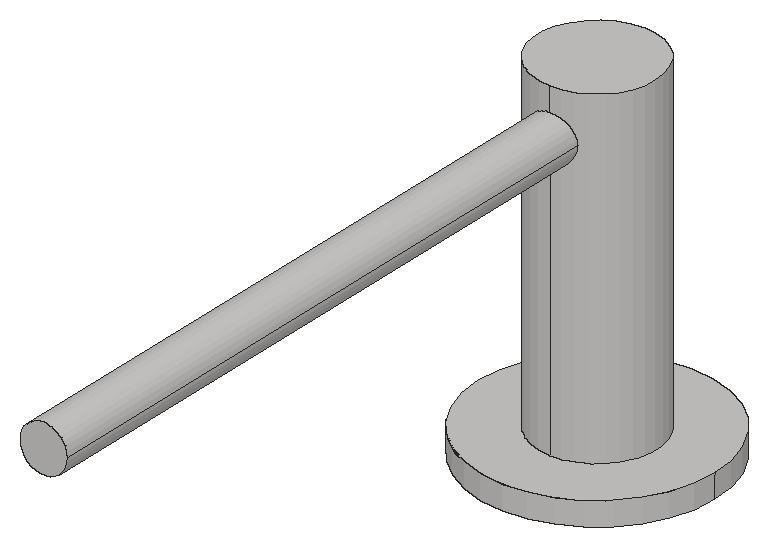
Revit family "T36L", category Generic Models, Revit 2021
Family settings
  Can host rebar = No
  Round Connector Dimension = Use Diameter
  Part Type = Normal
  Work Plane-Based = No
  Always vertical = Yes
  Cut with Voids When Loaded = No
  Shared = No
  Room Calculation Point = No
Parameters
  e-mail = "info@vola.com"
  URL = "http://vola.com"
  Telephone = "+45 7023 5500"
  Quality management standard = "ISO 9001"
  Organisation no. / DUNS no. = "17531328"
  Occupational health and safety management standard = "ISO 18001"
  Mounting Instructions = "http://vola.com/service/producturl.ashx?name=T36L"
  Model = "T36L"
  Materials and components information = "http://vola.com/service/producturl.ashx?name=T36L"
  Manufacturer = "VOLA A/S"
  Maintenance Instructions = "http://vola.com/service/producturl.ashx?name=T36L"
  Guarantee = "2 years"
  Environmental management standard = "ISO 14000"
  Default Elevation = 0.00 mm
  Connection - All relevant connections = ""
  Approvals = "http://vola.com/service/producturl.ashx?name=T36L"
Reference planes
  plane 1 "Center (Front/Back)": y = 0
  plane 2: z = 0
  plane 3 "Center (Left/Right)": x = 0
Forms (mm)
  Extrusion 1, solid, material "Stainless Steel"
    sketch origin (0, 0, 0) x (1, 0, 0) y (0, 1, 0)
      loop
        circle (0, 0) r 20
    from 0 to 4
  Extrusion 2, solid, material "Stainless Steel"
    sketch origin (-4, -5, 4) x (1, 0, 0) y (0, 1, 0)
      loop
        circle (4, 5) r 10
    from 0 to 56
  Extrusion 3, solid, material "Stainless Steel"
    sketch origin (0, 0, 1) x (1, 0, 0) y (0, 0, 1)
      loop
        circle (0, 51) r 4
    from 0 to 117
Cuts and joins
  joined: Extrusion 2, Extrusion 3
Dimensions and locks
  aligned and locked: plane 2 to level
